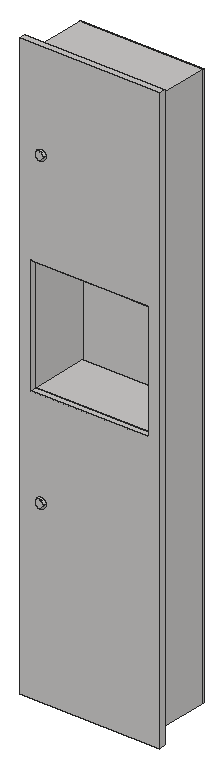
Revit family "Paper Dispenser and Waste_Metlam_Recessed_22L Waste", category Specialty Equipment, Revit 2016
Family settings
  Part Type = Normal
  Round Connector Dimension = Use Diameter
  OmniClass Number = 23.40.20.21.17
  OmniClass Title = Paper Towel Dispensers, Disposal Units
  Work Plane-Based = No
  Always vertical = Yes
  Cut with Voids When Loaded = Yes
  Shared = No
  Room Calculation Point = Yes
Parameters (values of type "333w x 155d x 1397h (ML707REC_MK2)")
  URL = "http://www.metlam.com.au/"
  Type Comments = "2 in 1 Combo Units"  # constant formula
  Model = "ML707REC_MK2"
  Material_ANZRS = z_Metlam_Metal_Stainless Steel_Satin
  Manufacturer_URL__Product Specific = "https://metlam.com.au/product/content/paper-towel-dispenser-comb-units/ML707REC_MK2"
  Manufacturer_Spec Code = Model  # "ML707REC_MK2"
  Manufacturer_Overall Width = 333 mm  # constant formula
  Manufacturer_Overall Height = 1397 mm  # constant formula
  Manufacturer_Overall Depth = 155 mm  # constant formula
  Manufacturer_Height From FFL [instance] = 400 mm
  Manufacturer = "Metlam"  # constant formula
  Description = "Paper Towel Dispenser & Waste Receptacle - Recessed"
  CreatedBy_ANZRS = "IGS BIM Solutions"  # constant formula
  CreatedByURL_ANZRS = "http://www.igsgroup.com.au/"
  Assembly Code = ""
Reference planes
  plane 1 "Back": y = 0
  plane 2 "Ref. Level": z = 0
  plane 3 "Center (Left/Right)": x = 0
  plane 4 "Left": x = -166.5
  plane 5 "Right": x = 166.5
  plane 6 "Recessed Flush_Front": y = -140
  plane 7 "Front": y = -155
  plane 8 "Top": z = 1797
  plane 9 "Mounting Height": z = 1315
  plane 10 "Bottom": z = 400
Forms (mm)
  Extrusion 1, solid, material "z_Metlam_Metal_Stainless Steel_Satin" <- "Material_ANZRS"
    sketch origin (0, 0, 1265) x (1, 0, 0) y (0, 0, 1)
      loop
        line (-146, -842.5) -> (146, -842.5) -> (146, 509.5) -> (-146, 509.5) -> (-146, -842.5)
      loop
        line (-144, -840.5) -> (144, -840.5) -> (144, 507.5) -> (-144, 507.5) -> (-144, -840.5)
    from 0 to 140
  Extrusion 2, solid, material "z_Metlam_Metal_Stainless Steel_Satin" <- "Material_ANZRS"
    sketch origin (0, 0, 1265) x (1, 0, 0) y (0, 0, 1)
      loop
        line (-146, -842.5) -> (146, -842.5) -> (146, 509.5) -> (-146, 509.5) -> (-146, -842.5)
    from 0 to 2
  Extrusion 3, solid, material "z_Metlam_Metal_Stainless Steel_Satin" <- "Material_ANZRS", detail levels medium+fine
    sketch origin (0, 0, 1265) x (1, 0, 0) y (0, 0, 1)
      loop
        line (166.5, 532) -> (-166.5, 532) -> (-166.5, -865) -> (166.5, -865) -> (166.5, 532)
      loop
        line (-140, 70) -> (-140, -210) -> (140, -210) -> (140, 70) -> (-140, 70)
    from 140 to 155
  Extrusion 4, solid, material "z_Metlam_Metal_Stainless Steel_Satin" <- "Material_ANZRS"
    sketch origin (0, 70, 2055) x (1, 0, 0) y (0, 0, 1)
      loop
        line (-120, -720) -> (-120, -740) -> (-10, -740) -> (-10, -730) -> (10, -730) -> (10, -740) -> (120, -740) -> (120, -720) -> (-120, -720)
    from 190 to 200
  Extrusion 5, solid, material "z_Metlam_Metal_Stainless Steel_Satin" <- "Material_ANZRS"
    sketch origin (0, 0, 1265) x (1, 0, 0) y (0, 0, 1)
      loop
        line (-140, 70) -> (-140, -210) -> (140, -210) -> (140, 70) -> (-140, 70)
      loop
        line (-141.6, 71.6) -> (-141.6, -211.6) -> (141.6, -211.6) -> (141.6, 71.6) -> (-141.6, 71.6)
    from 2 to 140
  Blend 6, solid, material "z_Metlam_Metal_Stainless Steel_Satin" <- "Material_ANZRS", detail levels medium+fine
    base sketch origin (0, -155, 435) x (1, 0, 0) y (0, 0, 1)
      loop
        circle (-116.5, 1131) r 11.5
    top sketch origin (0, -155, 435) x (1, 0, 0) y (0, 0, 1)
      loop
        circle (-116.5, 1131) r 9.5
    from 0 to 5
  Blend 7, solid, material "z_Metlam_Metal_Stainless Steel_Satin" <- "Material_ANZRS", detail levels medium+fine
    base sketch origin (0, -155, 435) x (1, 0, 0) y (0, 0, 1)
      loop
        circle (-116.5, 389) r 11.5
    top sketch origin (0, -155, 435) x (1, 0, 0) y (0, 0, 1)
      loop
        circle (-116.5, 389) r 9.5
    from 0 to 5
  Extrusion 8, void
    sketch origin (0, 0, 0) x (1, 0, 0) y (0, 0, 1)
      loop
        line (-150, 1781) -> (-150, 416) -> (150, 416) -> (150, 1781) -> (-150, 1781)
    from 0 to 140
Cuts and joins
  joined: Extrusion 3, Blend 6
Lines and regions (mm)
  Masking region 1
    outline origin (0, 0, 0) x (1, 0, 0) y (0, 1, 0)
      loop
        line (146, 0) -> (-146, 0) -> (-146, -140) -> (-166.5, -140) -> (-166.5, -155) -> (166.5, -155) -> (166.5, -140) -> (146, -140) -> (146, 0)
  symbolic lines, style "Bathroom Fixtures", detail levels medium+fine
    curve 1: line (-146, -140, 0) -> (146, -140, 0)
Text (mm)
  text "> Contact Manufacturer to confirm feasibility of design variations outside the scope of this Revit Family\n\n\n\nDisclaimer:\n\nDue to ongoing product development and manufacturing evolution, product details are subject to change without notice. Please refer to product technical data sheets on the manufacturer’s website for the most current product information. Please allow a +/- 5mm manufacturing tolerance for dimensions and set-outs shown in product literature." at (279.757, 61.233, 0), in view "Ref. Level_Instruction"
Dimensions and locks
  equal spacing: plane 4 "Left", plane 3 "Center (Left/Right)", plane 5 "Right"
  "Manufacturer_Overall Width": plane 4 "Left" to plane 5 "Right"
  "Manufacturer_Overall Depth": plane 7 "Front" to plane 1 "Back"
  plane 8 "Top" to Extrusion 1 sketch curve to Extrusion 1 sketch curve = 22.5 mm locked, 2 mm locked
  Extrusion 1 sketch curve to Extrusion 1 sketch curve to plane 4 "Left" = 2 mm locked, 20.5 mm locked
  Extrusion 1 sketch curve to Extrusion 1 sketch curve to plane 5 "Right" = 2 mm locked, 20.5 mm locked
  "Manufacturer_Height From FFL": plane 10 "Bottom" to level
  "Manufacturer_Overall Height": plane 8 "Top" to plane 10 "Bottom"
  locked: Extrusion 3 sketch curve to plane 10 "Bottom" at 655
  locked: Extrusion 2 sketch curve to plane 8 "Top" at 22.5
  locked: plane 10 "Bottom" to Extrusion 2 sketch curve at 22.5
  locked: Extrusion 2 sketch curve to plane 5 "Right" at 20.5
  locked: Extrusion 2 sketch curve to plane 4 "Left" at 20.5
  plane 10 "Bottom" to Extrusion 1 sketch curve to Extrusion 1 sketch curve = 22.5 mm locked, 2 mm locked
  locked: Extrusion 5 sketch curve to Extrusion 5 sketch curve at 1.6
  locked: Extrusion 5 sketch curve to Extrusion 5 sketch curve at 280
  locked: plane 9 "Mounting Height" to Extrusion 4 sketch curve at 20
  plane 9 "Mounting Height" to Extrusion 4 sketch curve = 10 mm
  locked: plane 7 "Front" to plane 6 "Recessed Flush_Front" at 15
  locked: plane 9 "Mounting Height" to plane 10 "Bottom" at 915
  locked: Extrusion 8 sketch curve to Extrusion 8 sketch curve at 1365
  equal spacing: Extrusion 8 sketch curve, plane 3 "Center (Left/Right)", Extrusion 8 sketch curve
  locked: Extrusion 8 sketch curve to Extrusion 8 sketch curve at 300
  locked: plane 10 "Bottom" to Extrusion 8 sketch curve at 16
  aligned and locked: plane 2 "Ref. Level" to level
  aligned and locked: Extrusion 3 sketch curve to plane 8 "Top"
  aligned and locked: plane 7 "Front" to Extrusion 3
  aligned and locked: Extrusion 3 to plane 6 "Recessed Flush_Front"
  aligned and locked: Masking region 1 sketch curve to Extrusion 3
  aligned and locked: Masking region 1 sketch curve to plane 1 "Back"
  aligned and locked: plane 6 "Recessed Flush_Front" to Extrusion 5
  aligned and locked: plane 9 "Mounting Height" to Extrusion 4 sketch curve  (x2)
  aligned and locked: plane 4 "Left" to Extrusion 3 sketch curve
  aligned and locked: plane 5 "Right" to Extrusion 3 sketch curve
  aligned and locked: Extrusion 3 sketch curve to plane 10 "Bottom"
  aligned and locked: Blend 7 to Extrusion 3
  aligned and locked: Blend 7 to Blend 6
  aligned and locked: cut or joined group of Extrusion 3, Blend 6 to Extrusion 5  (x4)
  aligned and locked: Masking region 1 sketch curve to cut or joined group of Extrusion 3, Blend 6
  aligned and locked: plane 6 "Recessed Flush_Front" to Extrusion 8
Automatic sketch dimensions
  plane 4 "Left" to Extrusion 3 sketch curve = 26.5 mm
  plane 5 "Right" to Extrusion 3 sketch curve = 26.5 mm
  plane 4 "Left" to Extrusion 4 sketch curve = 46.5 mm
  Extrusion 4 sketch curve to plane 3 "Center (Left/Right)" = 10 mm
  plane 3 "Center (Left/Right)" to Extrusion 4 sketch curve = 10 mm
  plane 5 "Right" to Extrusion 4 sketch curve = 46.5 mm
  plane 4 "Left" to Extrusion 5 sketch curve = 24.9 mm
  Extrusion 5 sketch curve to Extrusion 5 sketch curve = 1.6 mm  (x3)
  plane 5 "Right" to Extrusion 5 sketch curve = 26.5 mm
  Extrusion 3 sketch curve to plane 9 "Mounting Height" = 20 mm
  plane 9 "Mounting Height" to Extrusion 5 sketch curve = 261.6 mm
  plane 4 "Left" to Blend 6 sketch curve = 50 mm  (x2)
  Blend 6 sketch curve to plane 8 "Top" = 231 mm  (x2)
  plane 4 "Left" to Blend 7 sketch curve = 50 mm  (x2)
  plane 10 "Bottom" to Blend 7 sketch curve = 424 mm  (x2)
  plane 4 "Left" to curve 1 = 20.5 mm
  plane 5 "Right" to curve 1 = 20.5 mm
  Masking region 1 sketch curve to plane 5 "Right" = 0 mm
  plane 7 "Front" to Masking region 1 sketch curve = 0 mm
  plane 6 "Recessed Flush_Front" to Masking region 1 sketch curve = 0 mm
  plane 6 "Recessed Flush_Front" to curve 1 = 0 mm
  plane 4 "Left" to Masking region 1 sketch curve = 20.5 mm
  plane 5 "Right" to Masking region 1 sketch curve = 20.5 mm
  radius of Blend 6 sketch curve = 11.5 mm
  radius of Blend 6 sketch curve = 9.5 mm
  radius of Blend 7 sketch curve = 11.5 mm
  radius of Blend 7 sketch curve = 9.5 mm
